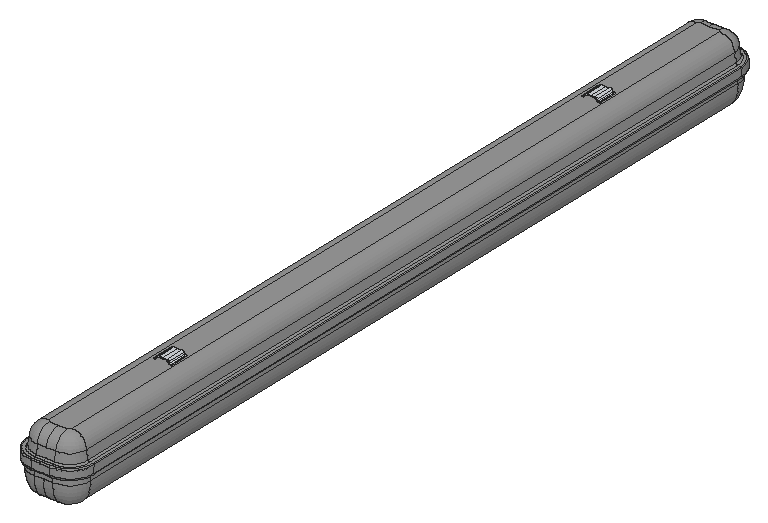
Revit family "63_UN_Lightline_WDO L1200_Norton", category Lighting Fixtures, Revit 2019
Family settings
  Round Connector Dimension = Use Diameter
  Part Type = Normal
  OmniClass Number = 23.80.70.11.14.11
  OmniClass Title = Downlights
  Work Plane-Based = No
  Always vertical = Yes
  Cut with Voids When Loaded = No
  Light Source = Yes
  Shared = No
  Room Calculation Point = Yes
Parameters (values of type "WDO 84 1 2400 1250")
  calc_length = Length - 40 mm  # 1240 mm
  Wattage Comments = "15W"
  Wattage = 16.1571 W
  built-in parameter 1150110 = 1 (stored number, unit not read)
  Voltage = 230 V
  URL = "https://www.ivlibrary.com/"
  Type Comments = "L1200"
  built-in parameter 1114217 = 1 (stored number, unit not read)
  Tilt Angle = 60.00°
  built-in parameter 1150109 = 1 (stored number, unit not read)
  built-in parameter 1150134 = 3
  Symbol_ToScale [instance] = not(Symbol_RealSize)  # yes
  Symbol_Size = Length / 100  # 12.8 mm
  Symbol_RealSize [instance] = no
  Switch Code [instance] = ""
  built-in parameter 1150113 = 1 (stored number, unit not read)
  Photometric Web File = "WDO84124001250_LDT.ies"
  Model = "WDO"
  Manufacturer = "Norton"
  built-in parameter 1150105 = 278.88 (stored number, unit not read)
  Luminous Flux (lm) = 2400 lm
  Lumens = 2400 lm
  built-in parameter 1150115 = 1 (stored number, unit not read)
  Luminaire Code [instance] = ""
  built-in parameter 1150137 = (empty or 0)
  built-in parameter 1150139 = (empty or 0)
  Length = 1280 mm
  built-in parameter 1150112 = 1 (stored number, unit not read)
  built-in parameter 1150114 = 1 (stored number, unit not read)
  Lamp = "LED"
  built-in parameter 1150132 = 2
  built-in parameter 1150102 = (empty or 0)
  built-in parameter 1150107 = 3200 (stored number, unit not read)
  built-in parameter 1150138 = (empty or 0)
  built-in parameter 1150106 = 2.7888 (stored number, unit not read)
  IfcExportType = "USERDEFINED"
  IfcExportAs = "IfcLightFixtureType"
  IP Value = "IP66"
  IK Value = "IK08"
  Housing_Material = Laminate, White
  Emit from Rectangle Width = calc_length  # 1240 mm
  Emit from Rectangle Length = 101 mm
  Emit Shape Visible in Rendering = no
  built-in parameter 1150104 = 13.8 (stored number, unit not read)
  Dimming Lamp Color Temperature Shift = <None>
  Description = ""
  Content Creator® = "www.ivlibrary.com"
  Color Filter = 16777215
  Bracket_Distance = 800 mm
  built-in parameter 1114218 = 1 (stored number, unit not read)
  built-in parameter 1150133 = 10 (stored number, unit not read)
  Assembly Code = "63.0"
  Apparent Load = 15 VA
Types (2, lengths in mm): name | Wattage Comments | Wattage | Photometric Web File | built-in parameter 1150105 | Luminous Flux (lm) | Lumens | built-in parameter 1150106 | Apparent Load
  WDO 84 1 2400 1250 | "15W" | 16.1571 W | "WDO84124001250_LDT.ies" | 278.88 (stored number, unit not read) | 2400 lm | 2400 lm | 2.7888 (stored number, unit not read) | 15 VA
  WDO 84 1 4200 1250 | "31W" | 28.2748 W | "WDO84142001250_LDT.ies" | 281.02 (stored number, unit not read) | 4200 lm | 4200 lm | 2.8102 (stored number, unit not read) | 31 VA
Reference planes
  plane 1 "Center (Front/Back)": y = 0
  plane 2: z = 0
  plane 3 "Center (Left/Right)": x = 0
  plane 4: y = 620
  plane 5: y = -620
  plane 6: y = -636.192
  plane 7: y = 636
  plane 8: y = -400
  plane 9: y = 400
Forms (mm)
  Sweep 1, solid, material "Laminate, White" <- "Housing_Material"
    path origin (-26.25, 0, 0) x (1, 0, 0) y (0, 1, 0)
      loop
        line (26.25, -620) -> (40, -620)
        arc (40, -620) -> (50.607, -615.607) -> (55, -605) r 15
        line (55, -605) -> (55, 605)
        arc (55, 605) -> (50.607, 615.607) -> (40, 620) r 15
        line (40, 620) -> (26.25, 620)
    profile origin (28.75, 0, 0) x (-1, 0, 0) y (0, 0, 1)
      loop
        line (13.75, -55) -> (13.75, -5) -> (11.564, -5)
        arc (11.564, -5) -> (-3.391, -10.765) -> (-10.607, -25.076) r 22.28
        line (-10.607, -25.076) -> (-11.924, -38.327)
        arc (-11.924, -38.327) -> (-12.75, -39.965) -> (-14.462, -40.625) r 2.551
        line (-14.462, -40.625) -> (-19.75, -40.625)
        arc (-19.75, -40.625) -> (-20.811, -41.064) -> (-21.25, -42.125) r 1.5
        line (-21.25, -42.125) -> (-21.25, -53.5)
        arc (-21.25, -53.5) -> (-20.811, -54.561) -> (-19.75, -55) r 1.5
        line (-19.75, -55) -> (13.75, -55)
  Sweep 2, solid, material "Laminate, White" <- "Housing_Material"
    path origin (26.25, 0, 0) x (-1, 0, 0) y (0, 1, 0)
      loop
        line (26.25, -620) -> (40, -620)
        arc (40, -620) -> (50.607, -615.607) -> (55, -605) r 15
        line (55, -605) -> (55, 605)
        arc (55, 605) -> (50.607, 615.607) -> (40, 620) r 15
        line (40, 620) -> (26.25, 620)
    profile origin (-28.75, 0, 0) x (-1, 0, 0) y (0, 0, 1)
      loop
        line (-14.225, -55) -> (19.75, -55)
        arc (19.75, -55) -> (20.811, -54.561) -> (21.25, -53.5) r 1.5
        line (21.25, -53.5) -> (21.25, -42.125)
        arc (21.25, -42.125) -> (20.811, -41.064) -> (19.75, -40.625) r 1.5
        line (19.75, -40.625) -> (14.462, -40.625)
        arc (14.462, -40.625) -> (12.75, -39.965) -> (11.924, -38.327) r 2.551
        line (11.924, -38.327) -> (10.607, -25.076)
        arc (10.607, -25.076) -> (3.391, -10.765) -> (-11.564, -5) r 22.28
        line (-11.564, -5) -> (-14.225, -5) -> (-14.225, -55)
  Sweep 3, solid, material "Glass, White, High Luminance"
    path origin (0, 0, 0) x (1, 0, 0) y (0, 1, 0)
      loop
        arc (-44.95, -604.992) -> (-35.812, -627.054) -> (-13.75, -636.192) r 31.2
        line (-13.75, -636.192) -> (0, -636.192) -> (13.75, -636.192)
        arc (13.75, -636.192) -> (35.812, -627.054) -> (44.95, -604.992) r 31.2
        line (44.95, -604.992) -> (44.95, 604.8)
        arc (44.95, 604.8) -> (35.812, 626.862) -> (13.75, 636) r 31.2
        line (13.75, 636) -> (0, 636) -> (-13.75, 636)
        arc (-13.75, 636) -> (-35.812, 626.862) -> (-44.95, 604.8) r 31.2
        line (-44.95, 604.8) -> (-44.95, -604.992)
    profile origin (-44.95, -0.096, 0) x (-1, 0, 0) y (0, 0, 1)
      loop
        line (0, -65) -> (0, -55) -> (-30.425, -55) -> (-30.425, -99.972) -> (-28.319, -99.972)
        spline (-28.319, -99.972) -> (-22.316, -99.519) -> (-17.22, -98.236) -> (-12.957, -96.239) -> (-9.455, -93.641) -> (-6.64, -90.557) -> (-4.438, -87.103) -> (-2.776, -83.392) -> (-1.581, -79.539) -> (-0.779, -75.658) -> (-0.297, -71.865) -> (-0.062, -68.274) -> (0, -65)
  Extrusion 4, solid, material "Laminate, White" <- "Housing_Material"
    sketch origin (0, 0, 0) x (1, 0, 0) y (0, 1, 0)
      loop
        line (-14.525, 606.25) -> (-14.525, -606.25) -> (15, -606.25) -> (15, 606.25) -> (-14.525, 606.25)
    from -5 to -55
  Extrusion 5, solid, material "Glass, White, High Luminance"
    sketch origin (0, 0, 0) x (1, 0, 0) y (0, 1, 0)
      loop
        line (-14.525, 605.575) -> (-14.525, -605.767) -> (14.525, -605.767) -> (14.525, 605.575) -> (-14.525, 605.575)
    from -55 to -99.972
Cuts and joins
  joined: Sweep 1, Sweep 2, Extrusion 4
  joined: Sweep 3, Extrusion 5
Lines and regions (mm)
  symbolic lines, visible <- "Symbol_RealSize"
    curve 1: line (-49.402, 640, 0) -> (50.598, 640, 0)
    curve 2: line (-49.402, -640, 0) -> (-49.402, 640, 0)
    curve 3: line (50.598, -640, 0) -> (-49.402, -640, 0)
    curve 4: line (50.598, 640, 0) -> (50.598, -640, 0)
Dimensions and locks
  "calc_length": plane 4 to plane 5
  equal spacing: plane 4, plane 1 "Center (Front/Back)", plane 5
  locked: plane 5 to plane 6 at 16.192
  locked: plane 7 to plane 4 at 16
  locked: Sweep 3 to plane 5 at 14.233
  locked: plane 4 to Extrusion 4 sketch curve at 13.75
  locked: Extrusion 5 sketch curve to plane 5 at 14.233
  locked: plane 4 to Extrusion 5 sketch curve at 14.425
  equal spacing: plane 8, plane 1 "Center (Front/Back)", plane 9
  "Bracket_Distance": plane 8 to plane 9
  equal spacing: curve 1, plane 1 "Center (Front/Back)", curve 3
  "Length": curve 3 to curve 1
  aligned and locked: level to plane 2
  aligned and locked: plane 4 to Sweep 2 sketch curve
  aligned and locked: plane 5 to Sweep 2 sketch curve
  aligned and locked: Sweep 1 sketch curve to plane 4
  aligned and locked: Sweep 1 sketch curve to plane 5
  aligned and locked: plane 6 to Sweep 3 sketch curve
  aligned and locked: plane 7 to Sweep 3 sketch curve  (x2)
  aligned and locked: plane 8 to nested 1
  aligned and locked: plane 9 to nested 2
Automatic sketch dimensions
  Extrusion 5 sketch curve to plane 3 "Center (Left/Right)" = 14.525 mm
  plane 3 "Center (Left/Right)" to Extrusion 5 sketch curve = 14.525 mm
  Sweep 1 sketch curve to plane 3 "Center (Left/Right)" = 0 mm  (x2)
  plane 3 "Center (Left/Right)" to Sweep 1 sketch curve = 13.75 mm  (x2)
  Sweep 1 sketch curve to plane 4 = 15 mm
  profile plane to Sweep 1 sketch curve = 21.25 mm
  Sweep 1 sketch curve to Sweep 1 sketch curve = 1.5 mm  (x2)
  Sweep 1 sketch curve to Sweep 1 sketch curve = 5.288 mm
  Sweep 1 sketch curve to Sweep 1 sketch curve = 2.538 mm
  profile plane to Sweep 1 sketch curve = 10.607 mm
  Sweep 1 sketch curve to level = 5 mm
  Sweep 1 sketch curve to profile plane = 11.564 mm
  Sweep 1 sketch curve to Sweep 1 sketch curve = 2.186 mm
  Sweep 1 sketch curve to level = 25.076 mm
  Sweep 1 sketch curve to Sweep 1 sketch curve = 12.998 mm
  Sweep 1 sketch curve to Sweep 1 sketch curve = 0.252 mm
  Sweep 1 sketch curve to Sweep 1 sketch curve = 11.375 mm
  Sweep 2 sketch curve to plane 3 "Center (Left/Right)" = 0 mm  (x2)
  plane 3 "Center (Left/Right)" to Sweep 2 sketch curve = 13.75 mm  (x2)
  plane 4 to Sweep 2 sketch curve = 15 mm
  profile plane to Sweep 2 sketch curve = 14.225 mm
  profile plane to Sweep 2 sketch curve = 11.564 mm
  Sweep 2 sketch curve to profile plane = 10.607 mm
  Sweep 2 sketch curve to profile plane = 11.924 mm
  Sweep 2 sketch curve to Sweep 2 sketch curve = 2.538 mm
  Sweep 2 sketch curve to Sweep 2 sketch curve = 5.288 mm  (x2)
  Sweep 2 sketch curve to Sweep 2 sketch curve = 1.5 mm
  Sweep 2 sketch curve to level = 55 mm
  Sweep 2 sketch curve to Sweep 2 sketch curve = 11.375 mm
  Sweep 2 sketch curve to Sweep 2 sketch curve = 2.298 mm
  Sweep 2 sketch curve to Sweep 2 sketch curve = 11.047 mm
  Sweep 2 sketch curve to Sweep 2 sketch curve = 13.25 mm
  Sweep 3 sketch curve to plane 3 "Center (Left/Right)" = 0 mm  (x2)
  Sweep 3 sketch curve to plane 3 "Center (Left/Right)" = 13.75 mm  (x2)
  Sweep 3 sketch curve to plane 4 = 15.2 mm  (x2)
  plane 3 "Center (Left/Right)" to Sweep 3 sketch curve = 13.75 mm  (x2)
  Sweep 3 sketch curve to profile plane = 0 mm
  profile plane to Sweep 3 sketch curve = 28.319 mm
  Sweep 3 sketch curve to Sweep 3 sketch curve = 2.106 mm
  Sweep 3 sketch curve to level = 99.972 mm
  Sweep 3 sketch curve to Sweep 3 sketch curve = 34.972 mm
  Sweep 3 sketch curve to Sweep 3 sketch curve = 10 mm
  Extrusion 4 sketch curve to plane 3 "Center (Left/Right)" = 14.525 mm
  plane 3 "Center (Left/Right)" to Extrusion 4 sketch curve = 15 mm
  plane 5 to Extrusion 4 sketch curve = 13.75 mm
  curve 3 to plane 3 "Center (Left/Right)" = 49.402 mm
  plane 3 "Center (Left/Right)" to curve 3 = 50.598 mm
Nested families
  nested 1: "norton bracket" at (0, -400, 0) x (-1, 0, 0) z (0, 0, 1), type "norton bracket"
  nested 2: "norton bracket" at (0, 400, 0), type "norton bracket"
  nested 3: "Lightline Symbol" at (0, 0, 0), Length <- "Symbol_Size", visible <- "Symbol_ToScale", type "symbol"
    with Length 12.8 mm
Connectors
  electrical at (0, 0, 0), driven by "Voltage", driven by "Apparent Load"
    settings: index 1, voltage 230 V, apparent load 0 VA, apparent load phase1 15 VA, apparent load phase2 0 VA, apparent load phase3 0 VA, power factor 1, load classification "Lighting", number of poles 1, system type 31, power factor state 1, is connector primary yes, connector utility no, sub classification motor no, connector description ""
Definition of nested family "norton bracket"
  Reference planes
    plane 1: y = 0
    plane 2: z = 0
    plane 3: x = 0
    plane 4 "Center (Left/Right)": x = 0
  Forms (mm)
    Extrusion 1, solid
      sketch origin (0, 14.135, 0) x (1, 0, 0) y (0, 0, -1)
        loop
          line (0, 0) -> (6.136, 0)
          arc (6.136, 0) -> (8.007, 0.491) -> (9.396, 1.837) r 3.81
          line (9.396, 1.837) -> (10.271, 3.284)
          arc (10.271, 3.284) -> (11.163, 4.149) -> (12.365, 4.464) r 2.447
          line (12.365, 4.464) -> (13.658, 4.464) -> (13.658, 5.264) -> (12.365, 5.264)
          arc (12.365, 5.264) -> (10.77, 4.846) -> (9.587, 3.698) r 3.247
          line (9.587, 3.698) -> (8.753, 2.321)
          arc (8.753, 2.321) -> (7.656, 1.258) -> (6.178, 0.87) r 3.01
          line (6.178, 0.87) -> (0, 0.87) -> (-6.178, 0.87)
          arc (-6.178, 0.87) -> (-7.656, 1.258) -> (-8.753, 2.321) r 3.01
          line (-8.753, 2.321) -> (-9.587, 3.698)
          arc (-9.587, 3.698) -> (-10.77, 4.846) -> (-12.365, 5.264) r 3.247
          line (-12.365, 5.264) -> (-13.658, 5.264) -> (-13.658, 4.464) -> (-12.365, 4.464)
          arc (-12.365, 4.464) -> (-11.163, 4.149) -> (-10.271, 3.284) r 2.447
          line (-10.271, 3.284) -> (-9.396, 1.837)
          arc (-9.396, 1.837) -> (-8.007, 0.491) -> (-6.136, 0) r 3.81
          line (-6.136, 0) -> (0, 0)
      from 0 to -28.271
  Automatic sketch dimensions
    Extrusion 1 sketch curve to Extrusion 1 sketch curve = 0 mm  (x8)
    Extrusion 1 sketch curve to Extrusion 1 sketch curve = 6.136 mm  (x2)
    Extrusion 1 sketch curve to Extrusion 1 sketch curve = 0.871 mm  (x2)
    Extrusion 1 sketch curve to Extrusion 1 sketch curve = 2.956 mm  (x2)
    Extrusion 1 sketch curve to Extrusion 1 sketch curve = 0.804 mm  (x4)
    Extrusion 1 sketch curve to Extrusion 1 sketch curve = 1.61 mm  (x2)
    Extrusion 1 sketch curve to Extrusion 1 sketch curve = 0.8 mm  (x4)
    Extrusion 1 sketch curve to Extrusion 1 sketch curve = 2.447 mm
    Extrusion 1 sketch curve to Extrusion 1 sketch curve = 1.293 mm  (x2)
    Extrusion 1 sketch curve to Extrusion 1 sketch curve = 2.403 mm
    Extrusion 1 sketch curve to Extrusion 1 sketch curve = 0.87 mm  (x2)
    Extrusion 1 sketch curve to Extrusion 1 sketch curve = 3.36 mm  (x2)
    Extrusion 1 sketch curve to Extrusion 1 sketch curve = 2.975 mm  (x2)
    Extrusion 1 sketch curve to Extrusion 1 sketch curve = 1.691 mm  (x2)
Definition of nested family "Lightline Symbol"
  Parameters (values of type "Family2")
    Length [instance] = 6.7 mm
  Reference planes
    plane 1: y = 0
    plane 2: x = 0
  Lines and regions (mm)
    detail lines
      curve 1: line (0.5, 3.35, 0) -> (-0.5, 3.35, 0)
      curve 2: line (0.5, -3.35, 0) -> (0.5, 3.35, 0)
      curve 3: line (-0.5, -3.35, 0) -> (0.5, -3.35, 0)
      curve 4: line (-0.5, 3.35, 0) -> (-0.5, -3.35, 0)
  Dimensions and locks
    "Length": curve 1 to curve 3
    equal spacing: curve 1, plane 1, curve 3
  Automatic sketch dimensions
    curve 1 to plane 2 = 0.5 mm
    plane 2 to curve 3 = 0.5 mm
